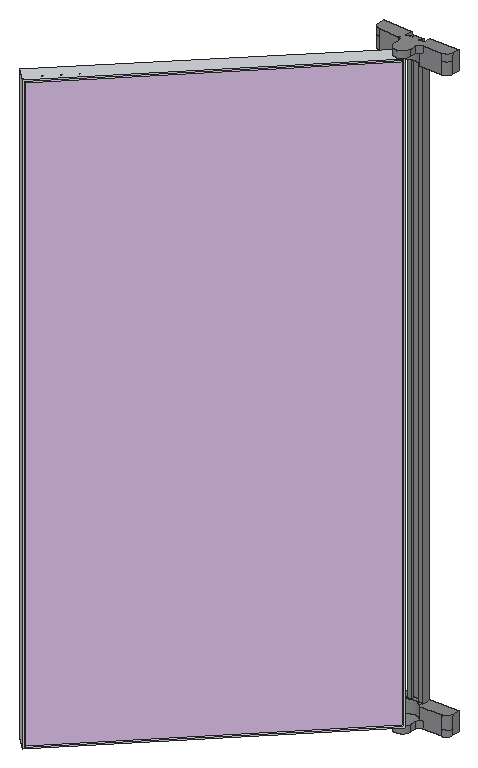
Revit family "Clarus_Flip_R20", category Furniture, host Face, Revit 2020
Family settings
  Host = Face
  Cut with Voids When Loaded = No
  Shared = No
  Room Calculation Point = No
Parameters
  Width = 48"  # constant formula
  URL = "https://www.clarus.com/"
  TRC Standards [instance] = "http://therevitcollection.com/news/trc-news-the-revit-collection-standards-explained/"
  Swing Control [instance] = 135.00°
  Swing Clearance [instance] = yes
  Product URL = "https://www.clarus.com/flip/"
  More Revit Families! [instance] = "www.therevitcollection.com"
  Modeled By = "Commense Studio"  # constant formula
  Model = "Flip"  # constant formula
  Manufacturer = "Clarus"  # constant formula
  Height = 49"  # constant formula
  Frame Finish [instance] = Clarus Gray
  Description = "Why limit a glassboard to one side? Re-think the way work spaces use writable\r\nsurfaces with Flip by Clarus™. Flip allows both sides of a Clarus board to be\r\nutilized for a heightened design aesthetic and elegant functionality."  # constant formula
  Height to Base [instance] = 24"
  Designer = ""
  Depth = 1 215/256"  # constant formula
  Default Elevation = 0"
  Panel A [instance] = Clarus White
  Assembly Code = ""
  Panel B [instance] = Clarus Acoustic Panel - Triangle Grid_Flip
Reference planes (in)
  plane 1 "Center (Front/Back)": y = 0
  plane 2: z = 0
  plane 3 "Center (Left/Right)": x = 0
  plane 4 "L": x = -24
  plane 5 "R": x = 24
  plane 6 "F": y = -1.83984
  plane 7: z = 24
  plane 8: z = 25.5
  plane 9: z = 73
  plane 10: z = 71.5
  plane 11 "BASE": z = 24.5
  plane 12: z = 72.5
Forms (in)
  Extrusion 1, solid, material "Clarus Gray" <- "Frame Finish"
    sketch origin (0, 0, 0) x (1, 0, 0) y (0, 1, 0)
      loop
        line (-2.50462, -1.02865) -> (-0.73338, -1.02865)
        arc (-0.73338, -1.02865) -> (0, -0.67339) -> (0.73338, -1.02865) r 0.9346
        line (0.73338, -1.02865) -> (2.50463, -1.02865)
        arc (2.50463, -1.02865) -> (2.85818, -0.88221) -> (3.00463, -0.52865) r 0.5
        line (3.00463, -0.52865) -> (3.00463, 0) -> (0.747, 0) -> (0.747, -0.57812) -> (0.29688, -0.57812) -> (0.29688, -0.48437) -> (0.42188, -0.48437) -> (0.42188, -0.26562) -> (-0.42187, -0.26562) -> (-0.42187, -0.48437) -> (-0.29687, -0.48437) -> (-0.29687, -0.57812) -> (-0.747, -0.57812) -> (-0.747, 0) -> (-3.00462, 0) -> (-3.00462, -0.52865)
        arc (-3.00462, -0.52865) -> (-2.85818, -0.88221) -> (-2.50462, -1.02865) r 0.5
    from 24 to 25.5
  Extrusion 2, solid, material "Clarus Gray" <- "Frame Finish"
    sketch origin (0, 0, 0) x (1, 0, 0) y (0, 1, 0)
      loop
        line (-2.50462, -1.02865) -> (-0.73338, -1.02865)
        arc (-0.73338, -1.02865) -> (0, -0.67339) -> (0.73338, -1.02865) r 0.9346
        line (0.73338, -1.02865) -> (2.50463, -1.02865)
        arc (2.50463, -1.02865) -> (2.85818, -0.88221) -> (3.00463, -0.52865) r 0.5
        line (3.00463, -0.52865) -> (3.00463, 0) -> (0.747, 0) -> (0.747, -0.57812) -> (0.29688, -0.57812) -> (0.29688, -0.48437) -> (0.42188, -0.48437) -> (0.42188, -0.26562) -> (-0.42187, -0.26562) -> (-0.42187, -0.48437) -> (-0.29687, -0.48437) -> (-0.29687, -0.57812) -> (-0.747, -0.57812) -> (-0.747, 0) -> (-3.00462, 0) -> (-3.00462, -0.52865)
        arc (-3.00462, -0.52865) -> (-2.85818, -0.88221) -> (-2.50462, -1.02865) r 0.5
    from 71.5 to 72.5
  Extrusion 3, solid, material "Clarus Gray" <- "Frame Finish"
    sketch origin (0, 0, 0) x (1, 0, 0) y (0, 1, 0)
      loop
        line (-0.625, -1.40365) -> (-0.625, -1.84115)
        arc (-0.625, -1.84115) -> (0, -2.46615) -> (0.625, -1.84115) r 0.625
        line (0.625, -1.84115) -> (0.625, -1.40365)
        arc (0.625, -1.40365) -> (0.73483, -1.13849) -> (1, -1.02865) r 0.375
        line (1, -1.02865) -> (2.50463, -1.02865)
        arc (2.50463, -1.02865) -> (2.85818, -0.88221) -> (3.00463, -0.52865) r 0.5
        line (3.00463, -0.52865) -> (3.00463, 0) -> (0.747, 0) -> (0.747, -0.57812) -> (0.29688, -0.57812) -> (0.29688, -0.48437) -> (0.42188, -0.48437) -> (0.42188, -0.26562) -> (-0.42187, -0.26562) -> (-0.42187, -0.48437) -> (-0.29687, -0.48437) -> (-0.29687, -0.57812) -> (-0.747, -0.57812) -> (-0.747, 0) -> (-3.00462, 0) -> (-3.00462, -0.52865)
        arc (-3.00462, -0.52865) -> (-2.85818, -0.88221) -> (-2.50462, -1.02865) r 0.5
        line (-2.50462, -1.02865) -> (-1, -1.02865)
        arc (-1, -1.02865) -> (-0.73483, -1.13849) -> (-0.625, -1.40365) r 0.375
    from 72.5 to 73
  Extrusion 4, solid, material "Clarus Gray" <- "Frame Finish"
    sketch origin (0, 0, 0) x (1, 0, 0) y (0, 1, 0)
      loop
        line (-0.625, -1.40365) -> (-0.625, -1.84115)
        arc (-0.625, -1.84115) -> (0, -2.46615) -> (0.625, -1.84115) r 0.625
        line (0.625, -1.84115) -> (0.625, -1.40365)
        arc (0.625, -1.40365) -> (0.73483, -1.13849) -> (1, -1.02865) r 0.375
        line (1, -1.02865) -> (2.50463, -1.02865)
        arc (2.50463, -1.02865) -> (2.85818, -0.88221) -> (3.00463, -0.52865) r 0.5
        line (3.00463, -0.52865) -> (3.00463, 0) -> (0.747, 0) -> (0.747, -0.57812) -> (0.29688, -0.57812) -> (0.29688, -0.48437) -> (0.42188, -0.48437) -> (0.42188, -0.26562) -> (-0.42187, -0.26562) -> (-0.42187, -0.48437) -> (-0.29687, -0.48437) -> (-0.29687, -0.57812) -> (-0.747, -0.57812) -> (-0.747, 0) -> (-3.00462, 0) -> (-3.00462, -0.52865)
        arc (-3.00462, -0.52865) -> (-2.85818, -0.88221) -> (-2.50462, -1.02865) r 0.5
        line (-2.50462, -1.02865) -> (-1, -1.02865)
        arc (-1, -1.02865) -> (-0.73483, -1.13849) -> (-0.625, -1.40365) r 0.375
    from 24 to 24.5
  Extrusion 5, solid, material "Clarus Gray" <- "Frame Finish"
    sketch origin (0, 0, 0) x (1, 0, 0) y (0, 1, 0)
      loop
        line (0.625, -0.57812) -> (0.625, 0) -> (-0.625, 0) -> (-0.625, -0.57812) -> (-0.29687, -0.57812) -> (-0.29687, -0.48437) -> (-0.42187, -0.48437) -> (-0.42187, -0.26562) -> (0.42188, -0.26562) -> (0.42188, -0.48437) -> (0.29688, -0.48437) -> (0.29688, -0.57812) -> (0.625, -0.57812)
    from 24.5 to 72.5
Cuts and joins
  joined: Extrusion 2, Extrusion 3
  joined: Extrusion 1, Extrusion 4
Lines and regions (in)
  symbolic lines, style "FurnitureHiddenLines", visible <- "Swing Clearance"
    curve 1: arc (-24, -1.83984, 0) -> (0, -25.83984, 0) -> (24, -1.83984, 0) r 24
  reference lines
    curve 2: line (0, -1.83984, 24.5) -> (-13.96536, -15.8052, 24.5)
Dimensions and locks (in)
  equal spacing: plane 4 "L", plane 3 "Center (Left/Right)", plane 5 "R"
  "Width": plane 4 "L" to plane 5 "R"
  "Depth": plane 6 "F" to plane 1 "Center (Front/Back)"
  "Height to Base": plane 7 to level
  locked: plane 9 to plane 10 at 1.5
  locked: plane 8 to plane 7 at 1.5
  locked: plane 11 "BASE" to plane 7 at 0.5
  locked: plane 9 to plane 12 at 0.5
  plane 9 to plane 7 = 49"
  "Swing Control": angle curve 2 to plane 6 "F"
  aligned and locked: plane 2 to host face
  aligned and locked: level to host face
  aligned and locked: plane 8 to Extrusion 1
  aligned and locked: Extrusion 1 to plane 7
  aligned and locked: plane 10 to Extrusion 2
  aligned and locked: plane 12 to Extrusion 3
  aligned and locked: Extrusion 3 to plane 9
  aligned and locked: Extrusion 2 to plane 12
  aligned and locked: Extrusion 4 to plane 7
  aligned and locked: plane 11 "BASE" to Extrusion 4
  aligned and locked: Extrusion 5 to plane 11 "BASE"
  aligned and locked: Extrusion 5 to plane 12
  aligned and locked: plane 3 "Center (Left/Right)" to curve 2
  aligned and locked: plane 6 "F" to curve 2
Automatic sketch dimensions
  host sketch curve to host sketch curve = 96"  (x2)
  curve 1 to plane 4 "L" = 0"
  curve 1 to plane 3 "Center (Left/Right)" = 0"
  plane 6 "F" to curve 1 = 0"
  plane 1 "Center (Front/Back)" to Extrusion 1 sketch curve = 0"  (x2)
  Extrusion 1 sketch curve to plane 3 "Center (Left/Right)" = 0"
  Extrusion 1 sketch curve to plane 3 "Center (Left/Right)" = 19/64"
  Extrusion 1 sketch curve to Extrusion 1 sketch curve = 1/8"  (x2)
  Extrusion 1 sketch curve to Extrusion 1 sketch curve = 0.3115"  (x2)
  Extrusion 1 sketch curve to Extrusion 1 sketch curve = 0.32513"  (x2)
  Extrusion 1 sketch curve to plane 6 "F" = 0.81119"
  Extrusion 1 sketch curve to Extrusion 1 sketch curve = 1.77125"  (x2)
  Extrusion 1 sketch curve to Extrusion 1 sketch curve = 1/2"  (x2)
  plane 3 "Center (Left/Right)" to Extrusion 1 sketch curve = 19/64"
  Extrusion 1 sketch curve to plane 6 "F" = 0.23185"
  plane 1 "Center (Front/Back)" to Extrusion 1 sketch curve = 37/64"  (x2)
  Extrusion 1 sketch curve to Extrusion 1 sketch curve = 3/32"  (x2)
  Extrusion 1 sketch curve to Extrusion 1 sketch curve = 7/32"
  plane 1 "Center (Front/Back)" to Extrusion 2 sketch curve = 0"  (x2)
  Extrusion 2 sketch curve to plane 3 "Center (Left/Right)" = 0"
  Extrusion 2 sketch curve to plane 3 "Center (Left/Right)" = 19/64"
  Extrusion 2 sketch curve to Extrusion 2 sketch curve = 1/8"  (x2)
  Extrusion 2 sketch curve to Extrusion 2 sketch curve = 0.3115"  (x2)
  Extrusion 2 sketch curve to Extrusion 2 sketch curve = 0.32513"  (x2)
  Extrusion 2 sketch curve to plane 6 "F" = 0.81119"
  Extrusion 2 sketch curve to Extrusion 2 sketch curve = 1.77125"  (x2)
  Extrusion 2 sketch curve to Extrusion 2 sketch curve = 1/2"  (x2)
  plane 3 "Center (Left/Right)" to Extrusion 2 sketch curve = 19/64"
  Extrusion 2 sketch curve to plane 6 "F" = 0.23185"
  plane 1 "Center (Front/Back)" to Extrusion 2 sketch curve = 37/64"  (x2)
  Extrusion 2 sketch curve to Extrusion 2 sketch curve = 3/32"  (x2)
  Extrusion 2 sketch curve to Extrusion 2 sketch curve = 7/32"
  Extrusion 3 sketch curve to plane 3 "Center (Left/Right)" = 0"
  plane 6 "F" to Extrusion 3 sketch curve = 0.00131"
  Extrusion 3 sketch curve to Extrusion 3 sketch curve = 3/8"
  Extrusion 3 sketch curve to plane 6 "F" = 0.43619"  (x2)
  Extrusion 3 sketch curve to plane 3 "Center (Left/Right)" = 5/8"
  plane 1 "Center (Front/Back)" to Extrusion 3 sketch curve = 0"  (x2)
  Extrusion 3 sketch curve to Extrusion 3 sketch curve = 1/2"  (x2)
  Extrusion 3 sketch curve to plane 3 "Center (Left/Right)" = 0.747"
  Extrusion 3 sketch curve to Extrusion 3 sketch curve = 0.32513"  (x2)
  Extrusion 3 sketch curve to Extrusion 3 sketch curve = 1/8"  (x2)
  plane 3 "Center (Left/Right)" to Extrusion 3 sketch curve = 19/64"
  plane 1 "Center (Front/Back)" to Extrusion 3 sketch curve = 37/64"
  Extrusion 3 sketch curve to Extrusion 3 sketch curve = 3/32"  (x2)
  Extrusion 3 sketch curve to Extrusion 3 sketch curve = 7/32"
  Extrusion 3 sketch curve to Extrusion 3 sketch curve = 1.50463"  (x2)
  Extrusion 3 sketch curve to Extrusion 3 sketch curve = 0.253"
  Extrusion 3 sketch curve to Extrusion 3 sketch curve = 5/16"
  plane 1 "Center (Front/Back)" to Extrusion 4 sketch curve = 0"  (x2)
  Extrusion 4 sketch curve to plane 3 "Center (Left/Right)" = 0"
  Extrusion 4 sketch curve to plane 3 "Center (Left/Right)" = 19/64"
  Extrusion 4 sketch curve to Extrusion 4 sketch curve = 1/8"  (x2)
  plane 6 "F" to Extrusion 4 sketch curve = 0.00131"
  Extrusion 4 sketch curve to Extrusion 4 sketch curve = 5/8"
  Extrusion 4 sketch curve to Extrusion 4 sketch curve = 0.32513"  (x2)
  Extrusion 4 sketch curve to Extrusion 4 sketch curve = 0.253"
  Extrusion 4 sketch curve to Extrusion 4 sketch curve = 1.50463"  (x2)
  Extrusion 4 sketch curve to Extrusion 4 sketch curve = 1/2"  (x2)
  plane 3 "Center (Left/Right)" to Extrusion 4 sketch curve = 19/64"
  Extrusion 4 sketch curve to Extrusion 4 sketch curve = 3/8"
  Extrusion 4 sketch curve to plane 6 "F" = 0.43619"  (x2)
  Extrusion 4 sketch curve to Extrusion 4 sketch curve = 0.45053"
  plane 1 "Center (Front/Back)" to Extrusion 4 sketch curve = 37/64"
  Extrusion 4 sketch curve to Extrusion 4 sketch curve = 3/32"  (x2)
  Extrusion 4 sketch curve to Extrusion 4 sketch curve = 7/32"
  Extrusion 5 sketch curve to plane 3 "Center (Left/Right)" = 19/64"
  Extrusion 5 sketch curve to Extrusion 5 sketch curve = 1/8"  (x2)
  plane 3 "Center (Left/Right)" to Extrusion 5 sketch curve = 19/64"
  plane 1 "Center (Front/Back)" to Extrusion 5 sketch curve = 37/64"  (x2)
  Extrusion 5 sketch curve to Extrusion 5 sketch curve = 3/32"  (x2)
  Extrusion 5 sketch curve to Extrusion 5 sketch curve = 7/32"
  plane 1 "Center (Front/Back)" to Extrusion 5 sketch curve = 0"
  Extrusion 5 sketch curve to Extrusion 5 sketch curve = 13/64"  (x2)
Nested families (in)
  nested 1: "Clarus_Flip Panel_R18" at (0.08075, -1.85596, 24.5) x (0.7071, -0.7071, 0) z (0, 0, 1), Acoustic Panel <- "Panel B", Clarus Glass <- "Panel A", Core Finish <- "Frame Finish", type "Clarus_Flip Panel_R18"
    with Triangle Grid no, TRC Standards "http://therevitcollection.com/news/trc-news-the-revit-collection-standards-explained/", Square-Tangle yes, More Revit Families! "www.therevitcollection.com", Core Finish Clarus Gray, Clarus Glass Clarus White, Acoustic Panel Clarus Acoustic Panel - Triangle Grid_Flip
Definition of nested family "Clarus_Flip Panel_R18"
  Parameters (values of type "Clarus_Flip Panel_R18")
    Width = 1 3/8"
    URL = "https://www.clarus.com/"
    Triangle Grid [instance] = yes
    TRC Standards [instance] = "http://therevitcollection.com/news/trc-news-the-revit-collection-standards-explained/"
    Square-Tangle [instance] = yes
    Product URL = "https://www.clarus.com/"
    More Revit Families! [instance] = "www.therevitcollection.com"
    Modeled By = "Commense Studio"  # constant formula
    Model = "be! Shield"
    Manufacturer = "Clarus"  # constant formula
    Core Finish [instance] = none
    Description = "be! Shield Leg Configs"
    Height = 48"
    Designer = ""
    Depth = 24 1/16"
    Default Elevation = 0"
    Clarus Glass [instance] = none
    Assembly Code = ""
    Acoustic Panel [instance] = none
  Reference planes (in)
    plane 1 "Center (Front/Back)": y = 0
    plane 2: z = 0
    plane 3 "Center (Left/Right)": x = 0
    plane 4 "L": x = -0.6875
    plane 5 "R": x = 0.6875
    plane 6 "F": y = -24.0625
    plane 7: z = 48
    plane 8 "acoustic": x = 0.4375
    plane 9 "glass": x = -0.4375
    plane 10: y = -23.875
    plane 11: y = -0.1875
    plane 12: z = 0.1875
    plane 13: z = 47.8125
  Forms (in)
    Extrusion 1, solid
      sketch origin (0, 0, 0) x (1, 0, 0) y (0, 1, 0)
        loop
          line (-48, 48) -> (-48, -48) -> (48, -48) -> (48, 48) -> (-48, 48)
      from 0 to -12
    Sweep 2, solid
      path origin (0, 0, 0) x (0, 1, 0) y (0, 0, 1)
        loop
          line (0, 0) -> (0, 48) -> (-24.0625, 48) -> (-24.0625, 0) -> (0, 0)
      profile origin (0, 0, 24) x (0, -1, 0) y (1, 0, 0)
        loop
          line (0, -0.6875) -> (0.0625, -0.6875) -> (0.0625, -0.25) -> (1.44057, -0.25) -> (1.44057, 0.125) -> (2.18847, 0.125) -> (2.18847, -0.25) -> (2.31347, -0.25) -> (2.31347, 0.25) -> (1.31557, 0.25) -> (1.31557, -0.125) -> (0.43767, -0.125) -> (0.43767, 0.25) -> (0.0625, 0.25) -> (0.0625, 0.6875) -> (0, 0.6875) -> (0, -0.6875)
    Extrusion 3, solid, material <- "Clarus Glass"
      sketch origin (0, 0, 0) x (1, 0, 0) y (0, 1, 0)
        loop
          line (-0.4375, -23.875) -> (-0.4375, -0.1875) -> (-0.6875, -0.1875) -> (-0.6875, -23.875) -> (-0.4375, -23.875)
      from 0.1875 to 47.8125
    Extrusion 4, solid, material <- "Acoustic Panel"
      sketch origin (0, 0, 0) x (-1, 0, 0) y (0, -1, 0)
        loop
          line (-0.4375, 23.875) -> (-0.6875, 23.875) -> (-0.6875, 0.1875) -> (-0.4375, 0.1875) -> (-0.4375, 23.875)
      from 0.1875 to 47.8125
  Dimensions and locks (in)
    equal spacing: plane 4 "L", plane 3 "Center (Left/Right)", plane 5 "R"
    "Width": plane 4 "L" to plane 5 "R"
    "Depth": plane 6 "F" to plane 1 "Center (Front/Back)"
    "Height": plane 7 to level
    plane 13 to plane 12 = 47 5/8"
    locked: plane 6 "F" to plane 10 at 0.1875
    aligned and locked: plane 2 to Extrusion 1
    aligned and locked: level to Extrusion 1
    aligned and locked: Extrusion 3 to plane 12
    aligned and locked: Extrusion 3 to plane 13
    aligned and locked: Extrusion 4 to plane 11
    aligned and locked: Extrusion 4 to plane 8 "acoustic"
    aligned and locked: plane 5 "R" to Extrusion 4
    aligned and locked: Extrusion 4 to plane 10
  Automatic sketch dimensions
    Extrusion 1 sketch curve to Extrusion 1 sketch curve = 96"  (x2)
    Sweep 2 sketch curve to level = 0"
    Sweep 2 sketch curve to plane 6 "F" = 0"
    Sweep 2 sketch curve to plane 1 "Center (Front/Back)" = 0"
    Sweep 2 sketch curve to plane 7 = 0"
    Sweep 2 sketch curve to profile plane = 0"
    Sweep 2 sketch curve to profile plane = 1/16"
    Sweep 2 sketch curve to Sweep 2 sketch curve = 1/16"
    Sweep 2 sketch curve to plane 3 "Center (Left/Right)" = 1/8"
    Sweep 2 sketch curve to Sweep 2 sketch curve = 0.37517"
    Sweep 2 sketch curve to Sweep 2 sketch curve = 0.87789"
    Sweep 2 sketch curve to Sweep 2 sketch curve = 1/8"  (x3)
    plane 3 "Center (Left/Right)" to Sweep 2 sketch curve = 1/8"
    Sweep 2 sketch curve to Sweep 2 sketch curve = 0.74791"
    Sweep 2 sketch curve to plane 3 "Center (Left/Right)" = 1/4"  (x2)
    Sweep 2 sketch curve to Sweep 2 sketch curve = 7/16"  (x2)
    plane 3 "Center (Left/Right)" to Sweep 2 sketch curve = 1/4"
    Extrusion 3 sketch curve to plane 4 "L" = 0"
    Extrusion 3 sketch curve to plane 9 "glass" = 0"
    Extrusion 3 sketch curve to plane 10 = 0"
    plane 11 to Extrusion 3 sketch curve = 0"
    Extrusion 4 sketch curve to plane 5 "R" = 0"
    Extrusion 4 sketch curve to plane 8 "acoustic" = 0"
    Extrusion 4 sketch curve to plane 10 = 0"
    plane 11 to Extrusion 4 sketch curve = 0"
